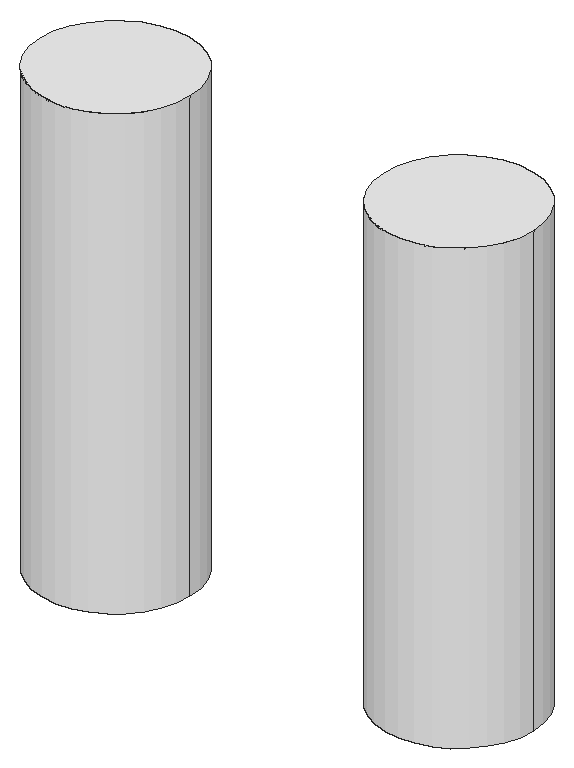
Revit family "56443203", category Plumbing Fixtures, Revit 2018
Family settings
  Round Connector Dimension = Use Diameter
  Part Type = Normal
  OmniClass Number = 23.45.55.00
  OmniClass Title = Sanitary Faucets, Wastes
  Work Plane-Based = No
  Always vertical = Yes
  Cut with Voids When Loaded = No
  Shared = No
  Room Calculation Point = No
Parameters (values of type "56443203 Bidet faucet ")
  Working Pressure = "50 - 1000 kPa"
  WarrantyStartDate [instance] = "n/a"
  WarrantyGuarantorParts = "n/a"
  WarrantyGuarantorLabor = "n/a"
  WarrantyDurationUnit = "Year"
  WarrantyDurationParts = "n/a"
  WarrantyDurationLabor = "n/a"
  WarrantyDescription = "http://warranty.hansa.com"
  Warranty Information URL = "http://warranty.hansa.com"
  VersionDate = "01/07/2022"
  Version = "3"  # constant formula
  ValvePattern = "n/a"
  ValveOperation = "n/a"
  ValveMechanism = "n/a"
  Uniclass2015Reference = "Pr_40_20_06_11"
  Uniclass2015Description = "Bidets"
  Uniclass2 = "Pr_40_30_06_11"
  URL REACH = "http://static.hansa.com/doc/reach"
  URL Declaration of Conformity = "http://static.hansa.com/DoC/56443203"
  URL ABP = "http://static.hansa.com/ABP/56443203"
  URL = ""
  UNSPSC Class Number = "30181700 Faucets or taps"
  TestPressure = "n/a"
  Temperature Adjustments = "Limitation option for maximum temperature and flow-rate ;Adjustable hot water stop (included, retrofittable)"
  Temperature = "Temperature limiter;Temperature limiter (retrofittable)"
  Technical DataSheet URL = "http://www.hansa.com/datasheet/56443203/en"
  TagNumber [instance] = "n/a"
  SustainabilityPerformance = "n/a"
  Surface treatment = "Chrome"
  Spout Type = "Fixed spout"
  Spout Projection = "106 mm"
  Spare-Part Information URL = "http://static.hansa.com/sp/56443203"
  Size = "50x150x140 mm"
  Shape = "Sculptured"
  SerialNumber [instance] = "n/a"
  Sales Package dimensions (LxWxH) = "380 x 180 x 74"
  Revision = "3"  # constant formula
  ReplacementCost = "n/a"
  ProductInformation = "n/a"
  Product URL = "http://static.hansa.com/56443203"
  Product Image URL = "http://static.hansa.com/image/56443203"
  Product Family = "HANSAPALENO "
  Product Code = "56443203"
  OperatingMechanismMaterial = "n/a"
  NominalWidth = 48.9 mm
  NominalHeight = 136 mm
  NominalDepth = 146.5 mm
  Noise Class = "I (ISO3822)"
  Name_en = "56443203 Bidet faucet"
  Name = "56443203 Bidet faucet"
  NBSReference = "45-35-70/320"
  NBSDescription = "Bidets"
  Mounting Holes = "1 hole"
  ModelReference = "56443203"
  ModelNumber = "n/a"
  Model = "56443203 Bidet faucet"
  Mobile Product Information URL = "http://mpi.hansa.com/56443203"
  Mechanical Parts = "ø 35 mm ceramic cartridge for flow and temperature control"
  Max. Hot Water Supply = 80 °C
  Material = "Brass"
  Market = "International;Germany;Austria;Switzerland;France;Italy;Spain"
  ManufacturerURL = "http://www.hansa.com"
  ManufacturerName = "HANSA"
  Manufacturer = "HANSA"
  Lever Handle = "Hot/Cold symbols;Single operating lever/handle"
  Interactive AR View URL = "https://static.hansa.com/AR/56443203"
  InstallationDate [instance] = "n/a"
  Installation and Maintenance Guide URL = "http://static.hansa.com/manual/56443203"
  Installation Type = "Deck mounted"
  InletConnectionSize = 10 mm
  IfcExportType = "FAUCET"  # constant formula
  IfcExportAs = "IfcValveType"  # constant formula
  Group = "Bidet faucet"
  Grade = "n/a"
  FlowCoefficient = 0
  Flow Rate At 300kPa With Flow Controller = 0.01 L/s
  Flow Drawing URL = "http://static.hansa.com/flowchart/56443203"
  Finish = "Polished"
  Features = "Single-lever"
  FaucetMainMaterial = Brass
  FDV Document URL = "http://www.hansa.com/datasheet/56443203/en/fdv"
  Extensions = "Pop-up waste with draw-rod"
  ExpectedLife = "n/a"
  ETIM Class Number = "EC010888 Bidet mixing tap"
  EN Standard = "EN 817"
  EAN Number = "4057304012228"
  DurationUnit = "Year"
  Dimension Drawing URL = "http://static.hansa.com/dimdrw/56443203"
  Description = ""
  DefaultElevation [instance] = 900 mm
  Constituents = "n/a"
  Connection Size = "G3/8"
  Color = "Chrome"
  CodePerformance = "n/a"
  CloseOffRating = 0
  Category = "Bathroom"
  Catalog Drawing URL = "http://static.hansa.com/catdrw/56443203"
  Brand = "HANSA"
  BodyMaterial = "Brass"
  Barcode [instance] = "n/a"
  BIMObjectName = "56443203"
  Author = "BIMStone"
  AssetType = "Fixed"
  AssetIdentifier [instance] = "n/a"
  Approval ABP = "P-IX 29502/IA"
  Aerator = "PCA® - constant flow rate regardless of pressure variations;Ball joint"
  Advanced Features = "Inner body made of DZR brass;3S-installation system for safe and simple mounting"
  AccessibilityPerformance = "n/a"
  3D View = "https://static.hansa.com/3D/56443203"
  2D/3D/BIM Files URL = "http://static.hansa.com/bim/56443203"
Reference planes
  plane 1 "Center (Front/Back)": y = 0
  plane 2: z = 0
  plane 3 "Center (Left/Right)": x = 0
  plane 4: x = -24.45
  plane 5: z = 900
  plane 6: z = 870
  plane 7: y = -146.5
  plane 8: x = 24.45
  plane 9: z = 1036
Forms (mm)
  Extrusion 1, solid, material "Brass" <- "FaucetMainMaterial"
    sketch origin (-44.989, -3.512, 0) x (1, 0, 0) y (0, 1, 0)
      loop
        circle (33.489, -36) r 5
      loop
        circle (56.489, -36) r 5
    from 870 to 900
Dimensions and locks
  "DefaultElevation": plane 5 to level
  locked: plane 5 to plane 6 at 30
  "NominalDepth": plane 7 to plane 1 "Center (Front/Back)"
  "NominalHeight": plane 9 to plane 5
  equal spacing: plane 4, plane 3 "Center (Left/Right)", plane 8
  "NominalWidth": plane 4 to plane 8
  "InletConnectionSize": diameter of Extrusion 1 sketch curve  (x2)
  aligned and locked: level to plane 2
  aligned and locked: plane 5 to Extrusion 1
  aligned and locked: Extrusion 1 to plane 6
  aligned and locked: nested 2 to plane 5
Automatic sketch dimensions
  Extrusion 1 sketch curve to plane 3 "Center (Left/Right)" = 11.5 mm
  plane 3 "Center (Left/Right)" to Extrusion 1 sketch curve = 11.5 mm
  plane 1 "Center (Front/Back)" to Extrusion 1 sketch curve = 39.512 mm  (x2)
Nested families
  nested 1: "Symbol" at (0, 0, 0), type "Symbol", detail levels coarse
  nested 2: "56443203_p" at (0, 0, 900), Main <- "FaucetMainMaterial", type "56443203_p"
    with Main Brass
Connectors
  piping at (-11.5, -39.512, 870), diameter 10, driven by "InletConnectionSize"
    settings: on Extrusion 1, index 1, connector inside diameter 609.6 mm, connector length 0 mm, flow factor 0, pipe flow 0.1 L/s, pressure drop 0.0 Pa, fitting loss kfactor 0, connector angle 0.00°, fixture units 0, engagement length 0 mm, angle of deflection 0.00°, flow configuration 1, flow direction 1, fitting loss method 0, system type 19, joint type 0, gender type 0, connector reference index -1, connector utility 0, adjustable connector no, is connector primary yes, connector description ""
  piping at (11.5, -39.512, 870), diameter 10, driven by "InletConnectionSize"
    settings: on Extrusion 1, index 2, connector inside diameter 609.6 mm, connector length 0 mm, flow factor 0, pipe flow 0.1 L/s, pressure drop 0.0 Pa, fitting loss kfactor 0, connector angle 0.00°, fixture units 0, engagement length 0 mm, angle of deflection 0.00°, flow configuration 1, flow direction 1, fitting loss method 0, system type 20, joint type 0, gender type 0, connector reference index -1, connector utility 0, adjustable connector no, is connector primary no, connector description ""
Definition of nested family "Symbol"
  Reference planes
    plane 1: y = 0
    plane 2: x = 0
  Lines and regions (mm)
    detail lines
      curve 1: line (0, 0, 0) -> (0, -1.8, 0)
      curve 2: line (-0.4, -1.1, 0) -> (0.4, -1.1, 0)
      curve 3: line (-0.4, -1.4, 0) -> (0.4, -1.4, 0)
      curve 4: line (0.863, 0, 0) -> (-0.863, 0, 0)
      curve 5: circle (-1.163, 0, 0) r 0.3 normal (0, 0, -1)
      curve 6: circle (1.163, 0, 0) r 0.3 normal (0, 0, 1)
Definition of nested family "56443203_p"
  Parameters (values of type "56443203_p")
    Main [instance] = none
  Reference planes
    plane 1 "Center (Front/Back)": y = 0
    plane 2: z = 0
    plane 3 "Center (Left/Right)": x = 0
    plane 4: x = -24.445
    plane 5: x = 24.445
    plane 6: z = 136
    plane 7: y = -146.545
  Forms (mm)
    Revolve 1, solid, material <- "Main", detail levels medium
      sketch origin (0, 0, 0) x (0, 1, 0) y (0, 0, 1)
        loop
          line (-14.069, -21.092) -> (-28.654, 145.62) -> (-52.072, 143.571) -> (-37.487, -23.141) -> (-14.069, -21.092)
        axis (-37.487, -23.141) -> (-52.072, 143.571)
      angle from 0 to 360
    Extrusion 2, void
      sketch origin (0, 0, 0) x (0, 1, 0) y (0, 0, 1)
        loop
          line (-71.094, 0) -> (-71.094, -45) -> (3.906, -45) -> (3.906, 0) -> (-71.094, 0)
        loop
          line (-17.096, 136) -> (-17.096, 163.598) -> (-82.096, 163.598) -> (-82.096, 136) -> (-17.096, 136)
      from -43.065 to 45.409
    Extrusion 3, solid, material <- "Main", detail levels medium
      sketch origin (0, 0, 0) x (1, 0, 0) y (0, 1, 0)
        loop
          arc (-6.785, -136.956) -> (-6.503, -137.769) -> (-5.792, -138.252) r 1.367
          arc (-5.792, -138.252) -> (-2.924, -138.855) -> (0, -139.057) r 21.204
          arc (0, -139.057) -> (2.924, -138.855) -> (5.792, -138.252) r 21.204
          arc (5.792, -138.252) -> (6.503, -137.769) -> (6.785, -136.956) r 1.367
          line (6.785, -136.956) -> (7.405, -92.487)
          arc (7.405, -92.487) -> (7.46, -90.292) -> (7.675, -88.108) r 29.979
          arc (7.675, -88.108) -> (8.126, -85.853) -> (8.858, -83.674) r 18.25
          arc (8.858, -83.674) -> (10.334, -80.457) -> (12.083, -77.38) r 40.817
          arc (12.083, -77.38) -> (14.098, -74.412) -> (16.322, -71.598) r 49.505
          arc (16.322, -71.598) -> (21.772, -62.164) -> (23.518, -51.41) r 30.192
          line (23.518, -51.41) -> (-23.518, -51.41)
          arc (-23.518, -51.41) -> (-21.772, -62.164) -> (-16.322, -71.598) r 30.192
          arc (-16.322, -71.598) -> (-14.098, -74.412) -> (-12.083, -77.38) r 49.505
          arc (-12.083, -77.38) -> (-10.334, -80.457) -> (-8.858, -83.674) r 40.817
          arc (-8.858, -83.674) -> (-8.126, -85.853) -> (-7.675, -88.108) r 18.25
          arc (-7.675, -88.108) -> (-7.46, -90.292) -> (-7.405, -92.487) r 29.979
          line (-7.405, -92.487) -> (-6.785, -136.956)
      from 123.047 to 136
    Extrusion 4, solid, material <- "Main", detail levels medium
      sketch origin (0, 0, 0) x (0, 1, 0) y (0, 0, 1)
        loop
          arc (-40.191, 99.126) -> (-78.225, 96.189) -> (-116.22, 92.785) r 3101.602
          line (-116.22, 92.785) -> (-114.405, 72.042)
          arc (-114.405, 72.042) -> (-112.555, 68.345) -> (-108.677, 66.913) r 5.62
          line (-108.677, 66.913) -> (-37.373, 66.913) -> (-40.191, 99.126)
      from -20 to 20
    Revolve 5, solid, material <- "Main", detail levels medium
      sketch origin (0, 0, 0) x (0, 1, 0) y (0, 0, 1)
        loop
          line (-145.608, 78.742) -> (-112.223, 81.663) -> (-112.942, 89.885) -> (-119.928, 89.274) -> (-120.192, 92.283) -> (-128.686, 91.54) -> (-130.284, 92.874) -> (-137.357, 92.255) -> (-138.185, 91.427) -> (-145.929, 90.749) -> (-146.545, 89.451) -> (-145.608, 78.742)
        axis (-112.223, 81.663) -> (-145.608, 78.742)
      angle from 0 to 360
    Revolve 6, solid, material <- "Main", detail levels medium
      sketch origin (0, 0, 0) x (0, 1, 0) y (0, 0, 1)
        loop
          line (-18.552, 22.539) -> (-11.009, 43.264) -> (-12.656, 43.864) -> (-20.082, 23.461) -> (-18.552, 22.539)
        axis (-12.656, 43.864) -> (-20.199, 23.138)
      angle from 0 to 360
    Extrusion 7, solid, material <- "Main", detail levels medium
      sketch origin (0, 0, 0) x (0, 1, 0) y (0, 0, 1)
        loop
          line (-15.628, 49.966) -> (-16.53, 45.721)
          arc (-16.53, 45.721) -> (-15.607, 44.633) -> (-14.615, 43.607) r 21.863
          arc (-14.615, 43.607) -> (-13.023, 42.855) -> (-11.32, 42.408) r 9.564
          line (-11.32, 42.408) -> (-6.213, 41.559)
          arc (-6.213, 41.559) -> (-3.257, 41.771) -> (-0.722, 43.305) r 6.33
          line (-0.722, 43.305) -> (-0.022, 46.598)
          arc (-0.022, 46.598) -> (-0.164, 47.365) -> (-0.807, 47.808) r 1.02
          line (-0.807, 47.808) -> (-14.477, 50.713)
          arc (-14.477, 50.713) -> (-15.207, 50.578) -> (-15.628, 49.966) r 0.97
      from -5 to 5
    Extrusion 8, solid, material <- "Main", detail levels coarse
      sketch origin (0, 0, 0) x (1, 0, 0) y (0, 1, 0)
        loop
          line (24.445, 0) -> (-24.445, 0) -> (-24.445, -146.545) -> (24.445, -146.545) -> (24.445, 0)
      from 0 to 136
  Cuts and joins
    Extrusion 2 cuts Revolve 1
    joined: Revolve 1, Extrusion 4, Revolve 5, Revolve 6
  Lines and regions (mm)
    symbolic lines, detail levels medium+fine
      curve 1: line (0, -15.914, 0) -> (0, -63.109, 0)
      curve 2: line (0, -24.711, 100.544) -> (0, -25.51, 100.479)
      curve 3: line (0, -116.22, 92.785) -> (0, -115.943, 89.623)
      curve 4: line (0, -120.192, 92.283) -> (0, -119.928, 89.274)
      curve 5: line (0, -138.251, 92.177) -> (0, -138.185, 91.427)
      curve 6: line (0, -146.545, 89.451) -> (0, -144.671, 68.033)
      curve 9: line (0, -15.914, 0) -> (0, -18.015, 24.014)
      curve 10: line (0, -63.109, 0) -> (0, -66.804, 42.234)
      curve 11: line (0, -94.729, 67.236) -> (0, -108.677, 66.913)
      curve 12: arc (0, -66.804, 42.234) -> (0, -75.822, 60.258) -> (0, -94.729, 67.236) r 27.397
      curve 13: arc (0, -114.405, 72.042) -> (0, -112.555, 68.345) -> (0, -108.677, 66.913) r 5.62
      curve 14: arc (0, -71.572, 96.737) -> (0, -93.903, 94.842) -> (0, -116.22, 92.785) r 3101.602
      curve 15: line (0, -120.192, 92.283) -> (0, -128.686, 91.54)
      curve 16: line (0, -118.226, 69.819) -> (0, -126.721, 69.076)
      curve 17: line (0, -115.943, 89.623) -> (0, -119.928, 89.274)
      curve 18: line (0, -114.505, 73.178) -> (0, -118.489, 72.829)
      curve 19: line (0, -136.029, 66.781) -> (0, -128.062, 67.478)
      curve 20: line (0, -128.062, 67.478) -> (0, -126.721, 69.076)
      curve 21: line (0, -136.094, 67.526) -> (0, -143.838, 66.849)
      curve 22: line (0, -143.838, 66.849) -> (0, -144.671, 68.033)
      curve 24: line (0, -145.929, 90.749) -> (0, -138.185, 91.427)
      curve 25: line (0, -145.929, 90.749) -> (0, -146.545, 89.451)
      curve 27: line (0, -128.686, 91.54) -> (0, -130.284, 92.874)
      curve 29: line (0, -130.284, 92.874) -> (0, -138.251, 92.177)
      curve 30: arc (0, -25.51, 100.479) -> (0, -26.979, 106.263) -> (0, -29.94, 111.444) r 22.12
      curve 31: line (0, -70.803, 99.207) -> (0, -70.803, 96.8)
      curve 32: line (0, -72.545, 99.066) -> (0, -75.051, 116.246)
      curve 33: line (0, -25.764, 113.821) -> (0, -29.127, 133.304)
      curve 34: line (0, -83.102, 123.208) -> (0, -136.935, 123.208)
      curve 35: arc (0, -75.051, 116.246) -> (0, -77.78, 121.226) -> (0, -83.102, 123.208) r 8.136
      curve 36: arc (0, -138.383, 134.918) -> (0, -139.023, 129.669) -> (0, -138.447, 124.413) r 22.989
      curve 37: arc (0, -136.935, 123.208) -> (0, -137.902, 123.546) -> (0, -138.447, 124.413) r 1.55
      curve 38: line (0, -137.01, 136) -> (0, -92.028, 136)
      curve 39: arc (0, -138.383, 134.918) -> (0, -137.884, 135.697) -> (0, -137.01, 136) r 1.413
      curve 40: arc (0, -92.028, 136) -> (0, -78.127, 135.816) -> (0, -64.235, 135.262) r 523.836
      curve 41: line (0, -30.99, 134.874) -> (0, -49.162, 134.874)
      curve 42: arc (0, -64.235, 135.262) -> (0, -56.701, 134.965) -> (0, -49.162, 134.874) r 275.77
      curve 43: arc (0, -29.127, 133.304) -> (0, -29.772, 134.429) -> (0, -30.99, 134.874) r 1.891
      curve 44: line (0, -18.015, 24.014) -> (0, -11.32, 42.408)
      curve 45: line (0, -18.738, 32.278) -> (0, -14.615, 43.607)
      curve 47: line (0, -15.628, 49.966) -> (0, -16.428, 46.202)
      curve 48: line (0, -0.022, 46.598) -> (0, -0.658, 43.604)
      curve 49: line (0, -0.807, 47.808) -> (0, -14.477, 50.713)
      curve 50: arc (0, -14.477, 50.713) -> (0, -15.207, 50.578) -> (0, -15.628, 49.966) r 0.97
      curve 51: arc (0, -0.807, 47.808) -> (0, -0.164, 47.365) -> (0, -0.022, 46.598) r 1.02
      curve 52: line (0, -6.213, 41.559) -> (0, -11.32, 42.408)
      curve 53: arc (0, -16.428, 46.202) -> (0, -16.42, 45.742) -> (0, -16.212, 45.33) r 1.029
      curve 54: arc (0, -16.212, 45.33) -> (0, -15.437, 44.447) -> (0, -14.615, 43.607) r 21.863
      curve 55: arc (0, -0.988, 43.057) -> (0, -3.432, 41.718) -> (0, -6.213, 41.559) r 6.33
      curve 56: arc (0, -0.658, 43.604) -> (0, -0.777, 43.303) -> (0, -0.988, 43.057) r 0.981
      curve 58: line (0, -18.738, 32.278) -> (0, -24.711, 100.544)
      curve 60: line (0, -114.505, 73.178) -> (0, -114.405, 72.042)
      curve 61: line (0, -118.489, 72.829) -> (0, -118.226, 69.819)
      curve 64: line (0, -136.094, 67.526) -> (0, -136.029, 66.781)
      curve 65: line (0, -70.803, 99.207) -> (0, -72.545, 99.066)
      curve 66: line (0, -70.803, 96.8) -> (0, -71.572, 96.737)
      curve 67: line (0, -29.94, 111.444) -> (0, -25.764, 113.821)
      curve 69: line (-11, -146.545, 0) -> (-11, -142.036, 0)
      curve 70: line (-12, -128.349, 0) -> (-12, -130.729, 0)
      curve 71: line (-5, -4.923, 0) -> (-5, -11.488, 0)
      curve 72: arc (0, 0, 0) -> (-3.531, -1.414, 0) -> (-5, -4.923, 0) r 4.923
      curve 73: arc (-5, -11.488, 0) -> (-4.197, -14.199, 0) -> (-2.046, -16.034, 0) r 4.976
      curve 76: arc (-23.508, -42.117, 0) -> (-18.218, -24.599, 0) -> (-2.046, -16.034, 0) r 23.764
      curve 78: arc (-24.445, -47.599, 0) -> (-24.209, -44.818, 0) -> (-23.508, -42.117, 0) r 16.501
      curve 79: line (-24.445, -47.599, 0) -> (-24.445, -49.045, 0)
      curve 80: arc (-24.445, -49.045, 0) -> (-23.984, -55.226, 0) -> (-22.613, -61.27, 0) r 41.7
      curve 89: line (-22.613, -61.27, 0) -> (-19.084, -110.472, 0)
      curve 90: line (-13.068, -116.072, 0) -> (-8.254, -116.072, 0)
      curve 91: arc (-19.084, -110.472, 0) -> (-17.177, -114.455, 0) -> (-13.068, -116.072, 0) r 6.031
      curve 92: line (-8.254, -116.072, 0) -> (-8.254, -118.62, 0)
      curve 94: line (-11.278, -119.219, 0) -> (-11.278, -127.627, 0)
      curve 95: line (-11.278, -127.627, 0) -> (-12, -128.349, 0)
      curve 96: spline (-8.254, -118.62, 0) -> (-8.718, -118.661, 0) -> (-9.147, -118.705, 0) -> (-9.541, -118.75, 0) -> (-9.898, -118.797, 0) -> (-10.216, -118.846, 0) -> (-10.495, -118.897, 0) -> (-10.732, -118.949, 0) -> (-10.928, -119.001, 0) -> (-11.08, -119.055, 0) -> (-11.19, -119.109, 0) -> (-11.256, -119.164, 0) -> (-11.278, -119.219, 0)
      curve 97: line (-12.751, -131.163, 0) -> (-12.751, -137.12, 0)
      curve 98: line (-12, -141.609, 0) -> (-12, -137.537, 0)
      curve 99: spline (-12.751, -137.12, 0) -> (-12.763, -137.155, 0) -> (-12.761, -137.19, 0) -> (-12.745, -137.226, 0) -> (-12.716, -137.261, 0) -> (-12.673, -137.296, 0) -> (-12.617, -137.331, 0) -> (-12.547, -137.366, 0) -> (-12.464, -137.401, 0) -> (-12.368, -137.435, 0) -> (-12.258, -137.47, 0) -> (-12.136, -137.503, 0) -> (-12, -137.537, 0)
      curve 100: line (-12, -141.609, 0) -> (-11, -142.036, 0)
      curve 101: line (-11, -146.545, 0) -> (0, -146.545, 0)
      curve 107: line (-12.751, -131.163, 0) -> (-12, -130.729, 0)
      curve 110: line (11, -146.545, 0) -> (11, -142.036, 0)
      curve 111: line (12, -128.349, 0) -> (12, -130.729, 0)
      curve 112: line (5, -4.923, 0) -> (5, -11.488, 0)
      curve 113: arc (0, 0, 0) -> (3.531, -1.414, 0) -> (5, -4.923, 0) r 4.923
      curve 114: arc (5, -11.488, 0) -> (4.197, -14.199, 0) -> (2.046, -16.034, 0) r 4.976
      curve 117: arc (23.508, -42.117, 0) -> (18.218, -24.599, 0) -> (2.046, -16.034, 0) r 23.764
      curve 119: arc (24.445, -47.599, 0) -> (24.209, -44.818, 0) -> (23.508, -42.117, 0) r 16.501
      curve 120: line (24.445, -47.599, 0) -> (24.445, -49.045, 0)
      curve 121: arc (24.445, -49.045, 0) -> (23.984, -55.226, 0) -> (22.613, -61.27, 0) r 41.7
      curve 130: line (22.613, -61.27, 0) -> (19.084, -110.472, 0)
      curve 131: line (13.068, -116.072, 0) -> (8.254, -116.072, 0)
      curve 132: arc (19.084, -110.472, 0) -> (17.177, -114.455, 0) -> (13.068, -116.072, 0) r 6.031
      curve 133: line (8.254, -116.072, 0) -> (8.254, -118.62, 0)
      curve 135: line (11.278, -119.219, 0) -> (11.278, -127.627, 0)
      curve 136: line (11.278, -127.627, 0) -> (12, -128.349, 0)
      curve 137: spline (8.254, -118.62, 0) -> (8.718, -118.661, 0) -> (9.147, -118.705, 0) -> (9.541, -118.75, 0) -> (9.898, -118.797, 0) -> (10.216, -118.846, 0) -> (10.495, -118.897, 0) -> (10.732, -118.949, 0) -> (10.928, -119.001, 0) -> (11.08, -119.055, 0) -> (11.19, -119.109, 0) -> (11.256, -119.164, 0) -> (11.278, -119.219, 0)
      curve 138: line (12.751, -131.163, 0) -> (12.751, -137.12, 0)
      curve 139: line (12, -141.609, 0) -> (12, -137.537, 0)
      curve 140: spline (12.751, -137.12, 0) -> (12.763, -137.155, 0) -> (12.761, -137.19, 0) -> (12.745, -137.226, 0) -> (12.716, -137.261, 0) -> (12.673, -137.296, 0) -> (12.617, -137.331, 0) -> (12.547, -137.366, 0) -> (12.464, -137.401, 0) -> (12.368, -137.435, 0) -> (12.258, -137.47, 0) -> (12.136, -137.503, 0) -> (12, -137.537, 0)
      curve 141: line (12, -141.609, 0) -> (11, -142.036, 0)
      curve 142: line (11, -146.545, 0) -> (0, -146.545, 0)
      curve 147: line (12.751, -131.163, 0) -> (12, -130.729, 0)
      curve 151: line (0, 0, 0) -> (-23.507, 0, 0)
      curve 152: line (-23.507, 0, 0) -> (-23.507, 0, 98.114)
      curve 153: line (-24.445, 0, 101.507) -> (-24.023, 0, 134.756)
      curve 154: arc (-24.023, 0, 134.756) -> (-12.028, 0, 135.688) -> (0, 0, 136) r 233.448
      curve 155: spline (-24.445, 0, 101.507) -> (-24.433, 0, 101.43) -> (-24.395, 0, 101.352) -> (-24.333, 0, 101.275) -> (-24.245, 0, 101.199) -> (-24.133, 0, 101.122) -> (-23.997, 0, 101.046) -> (-23.835, 0, 100.97) -> (-23.65, 0, 100.895) -> (-23.44, 0, 100.821) -> (-23.206, 0, 100.747) -> (-22.949, 0, 100.674) -> (-22.668, 0, 100.602)
      curve 156: line (-22.622, 0, 100.591) -> (-22.757, 0, 99.057)
      curve 157: arc (-23.507, 0, 98.114) -> (-23.297, 0, 98.716) -> (-22.757, 0, 99.057) r 0.967
      curve 170: line (0, 0, 0) -> (23.507, 0, 0)
      curve 171: line (23.507, 0, 0) -> (23.507, 0, 98.114)
      curve 172: line (24.445, 0, 101.507) -> (24.023, 0, 134.756)
      curve 173: arc (24.023, 0, 134.756) -> (12.028, 0, 135.688) -> (0, 0, 136) r 233.448
      curve 174: spline (24.445, 0, 101.507) -> (24.433, 0, 101.43) -> (24.395, 0, 101.352) -> (24.333, 0, 101.275) -> (24.245, 0, 101.199) -> (24.133, 0, 101.122) -> (23.997, 0, 101.046) -> (23.835, 0, 100.97) -> (23.65, 0, 100.895) -> (23.44, 0, 100.821) -> (23.206, 0, 100.747) -> (22.949, 0, 100.674) -> (22.668, 0, 100.602)
      curve 175: line (22.622, 0, 100.591) -> (22.757, 0, 99.057)
      curve 176: arc (23.507, 0, 98.114) -> (23.297, 0, 98.716) -> (22.757, 0, 99.057) r 0.967
    symbolic lines, detail levels fine
      curve 7: line (0, -48.217, 101.042) -> (0, -29.94, 111.444)
      curve 8: line (0, -48.217, 101.042) -> (0, -70.803, 99.207)
      curve 23: line (0, -143.838, 66.849) -> (0, -145.929, 90.749)
      curve 26: line (0, -126.721, 69.076) -> (0, -128.686, 91.54)
      curve 28: line (0, -128.062, 67.478) -> (0, -130.284, 92.874)
      curve 46: line (0, -11.32, 42.408) -> (0, -14.615, 43.607)
      curve 57: line (0, -18.015, 24.014) -> (0, -18.738, 32.278)
      curve 59: line (0, -115.943, 89.623) -> (0, -114.505, 73.178)
      curve 62: line (0, -119.928, 89.274) -> (0, -118.489, 72.829)
      curve 63: line (0, -138.185, 91.427) -> (0, -136.094, 67.526)
      curve 68: line (0, -25.51, 100.479) -> (0, -70.803, 96.8)
      curve 74: line (-1.748, -16.156, 0) -> (-1.748, -18.422, 0)
      curve 75: line (-1.748, -18.422, 0) -> (0, -18.422, 0)
      curve 77: arc (-23.508, -42.117, 0) -> (-14.421, -29.806, 0) -> (0, -24.693, 0) r 26.129
      curve 81: arc (-22.613, -61.27, 0) -> (-21.863, -63.265, 0) -> (-20.872, -65.152, 0) r 17.201
      curve 82: line (-20.872, -65.152, 0) -> (-20.32, -66.062, 0)
      curve 83: arc (-20.32, -66.062, 0) -> (-18.432, -68.91, 0) -> (-16.322, -71.598, 0) r 42.793
      curve 84: arc (-16.322, -71.598, 0) -> (-14.098, -74.412, 0) -> (-12.083, -77.38, 0) r 49.505
      curve 85: line (-6.785, -136.956, 0) -> (-7.405, -92.487, 0)
      curve 86: arc (-12.083, -77.38, 0) -> (-10.334, -80.457, 0) -> (-8.858, -83.674, 0) r 40.817
      curve 87: arc (-8.858, -83.674, 0) -> (-8.126, -85.853, 0) -> (-7.675, -88.108, 0) r 18.25
      curve 88: arc (-7.675, -88.108, 0) -> (-7.46, -90.292, 0) -> (-7.405, -92.487, 0) r 29.979
      curve 93: spline (-8.254, -119.097, 0) -> (-8.245, -119.145, 0) -> (-8.218, -119.194, 0) -> (-8.174, -119.242, 0) -> (-8.112, -119.29, 0) -> (-8.033, -119.337, 0) -> (-7.936, -119.383, 0) -> (-7.824, -119.428, 0) -> (-7.695, -119.471, 0) -> (-7.55, -119.514, 0) -> (-7.39, -119.554, 0) -> (-7.215, -119.593, 0) -> (-7.027, -119.63, 0)
      curve 102: arc (-5.792, -138.252, 0) -> (-2.924, -138.855, 0) -> (0, -139.057, 0) r 21.204
      curve 103: arc (-5.792, -138.252, 0) -> (-6.503, -137.769, 0) -> (-6.785, -136.956, 0) r 1.367
      curve 104: line (-8.254, -116.072, 0) -> (-7.077, -116.072, 0)
      curve 105: line (-8.254, -118.62, 0) -> (-8.254, -119.097, 0)
      curve 106: spline (-11.278, -119.219, 0) -> (-11.246, -119.285, 0) -> (-11.152, -119.35, 0) -> (-10.995, -119.415, 0) -> (-10.776, -119.478, 0) -> (-10.497, -119.54, 0) -> (-10.159, -119.601, 0) -> (-9.764, -119.659, 0) -> (-9.314, -119.714, 0) -> (-8.812, -119.767, 0) -> (-8.261, -119.817, 0) -> (-7.664, -119.864, 0) -> (-7.023, -119.907, 0)
      curve 108: spline (-12, -137.537, 0) -> (-11.716, -137.598, 0) -> (-11.389, -137.657, 0) -> (-11.021, -137.715, 0) -> (-10.612, -137.77, 0) -> (-10.165, -137.823, 0) -> (-9.68, -137.874, 0) -> (-9.161, -137.923, 0) -> (-8.608, -137.968, 0) -> (-8.023, -138.011, 0) -> (-7.41, -138.05, 0) -> (-6.769, -138.087, 0) -> (-6.104, -138.12, 0)
      curve 109: arc (-2.046, -16.034, 0) -> (-1.046, -16.358, 0) -> (0, -16.464, 0) r 4.976
      curve 115: line (1.748, -16.156, 0) -> (1.748, -18.422, 0)
      curve 116: line (1.748, -18.422, 0) -> (0, -18.422, 0)
      curve 118: arc (23.508, -42.117, 0) -> (14.421, -29.806, 0) -> (0, -24.693, 0) r 26.129
      curve 122: arc (22.613, -61.27, 0) -> (21.863, -63.265, 0) -> (20.872, -65.152, 0) r 17.201
      curve 123: line (20.872, -65.152, 0) -> (20.32, -66.062, 0)
      curve 124: arc (20.32, -66.062, 0) -> (18.432, -68.91, 0) -> (16.322, -71.598, 0) r 42.793
      curve 125: arc (16.322, -71.598, 0) -> (14.098, -74.412, 0) -> (12.083, -77.38, 0) r 49.505
      curve 126: line (6.785, -136.956, 0) -> (7.405, -92.487, 0)
      curve 127: arc (12.083, -77.38, 0) -> (10.334, -80.457, 0) -> (8.858, -83.674, 0) r 40.817
      curve 128: arc (8.858, -83.674, 0) -> (8.126, -85.853, 0) -> (7.675, -88.108, 0) r 18.25
      curve 129: arc (7.675, -88.108, 0) -> (7.46, -90.292, 0) -> (7.405, -92.487, 0) r 29.979
      curve 134: spline (8.254, -119.097, 0) -> (8.245, -119.145, 0) -> (8.218, -119.194, 0) -> (8.174, -119.242, 0) -> (8.112, -119.29, 0) -> (8.033, -119.337, 0) -> (7.936, -119.383, 0) -> (7.824, -119.428, 0) -> (7.695, -119.471, 0) -> (7.55, -119.514, 0) -> (7.39, -119.554, 0) -> (7.215, -119.593, 0) -> (7.027, -119.63, 0)
      curve 143: arc (5.792, -138.252, 0) -> (2.924, -138.855, 0) -> (0, -139.057, 0) r 21.204
      curve 144: arc (5.792, -138.252, 0) -> (6.503, -137.769, 0) -> (6.785, -136.956, 0) r 1.367
      curve 145: line (8.254, -116.072, 0) -> (7.077, -116.072, 0)
      curve 146: spline (11.278, -119.219, 0) -> (11.246, -119.285, 0) -> (11.152, -119.35, 0) -> (10.995, -119.415, 0) -> (10.776, -119.478, 0) -> (10.497, -119.54, 0) -> (10.159, -119.601, 0) -> (9.764, -119.659, 0) -> (9.314, -119.714, 0) -> (8.812, -119.767, 0) -> (8.261, -119.817, 0) -> (7.664, -119.864, 0) -> (7.023, -119.907, 0)
      curve 148: spline (12, -137.537, 0) -> (11.716, -137.598, 0) -> (11.389, -137.657, 0) -> (11.021, -137.715, 0) -> (10.612, -137.77, 0) -> (10.165, -137.823, 0) -> (9.68, -137.874, 0) -> (9.161, -137.923, 0) -> (8.608, -137.968, 0) -> (8.023, -138.011, 0) -> (7.41, -138.05, 0) -> (6.769, -138.087, 0) -> (6.104, -138.12, 0)
      curve 149: arc (2.046, -16.034, 0) -> (1.046, -16.358, 0) -> (0, -16.464, 0) r 4.976
      curve 150: line (8.254, -118.62, 0) -> (8.254, -119.097, 0)
      curve 158: spline (-22.757, 0, 99.057) -> (-22.562, 0, 98.8) -> (-21.981, 0, 98.547) -> (-21.024, 0, 98.304) -> (-19.707, 0, 98.073) -> (-18.053, 0, 97.859) -> (-16.091, 0, 97.665) -> (-13.852, 0, 97.496) -> (-11.377, 0, 97.353) -> (-8.708, 0, 97.239) -> (-5.889, 0, 97.157) -> (-2.97, 0, 97.106) -> (0, 0, 97.09)
      curve 159: circle (0, 0, 79.999) r 12.91 normal (0, -1, 0)
      curve 160: line (-23.507, 0, 87.601) -> (-16.905, 0, 75.183)
      curve 161: arc (-16.905, 0, 75.183) -> (-9.866, 0, 67.666) -> (0, 0, 64.717) r 19.74
      curve 162: line (-23.507, 0, 98.114) -> (-17.669, 0, 92.275)
      curve 163: line (-17.669, 0, 92.275) -> (0, 0, 92.909)
      curve 164: arc (-6.601, 0, 134.047) -> (-6.807, 0, 129.622) -> (-6.596, 0, 125.198) r 46.918
      curve 165: arc (-5.13, 0, 123.641) -> (-2.573, 0, 123.341) -> (0, 0, 123.241) r 33.087
      curve 166: arc (-4.952, 0, 135.694) -> (-2.479, 0, 135.866) -> (0, 0, 135.923) r 53.723
      curve 167: arc (-6.596, 0, 125.198) -> (-6.13, 0, 124.168) -> (-5.13, 0, 123.641) r 1.743
      curve 168: arc (-4.952, 0, 135.694) -> (-6.073, 0, 135.168) -> (-6.601, 0, 134.047) r 1.825
      curve 169: spline (-22.668, 0, 100.602) -> (-21.653, 0, 100.385) -> (-20.427, 0, 100.179) -> (-19.001, 0, 99.986) -> (-17.389, 0, 99.807) -> (-15.607, 0, 99.646) -> (-13.673, 0, 99.502) -> (-11.604, 0, 99.379) -> (-9.423, 0, 99.276) -> (-7.149, 0, 99.195) -> (-4.805, 0, 99.136) -> (-2.414, 0, 99.101) -> (0, 0, 99.089)
      curve 177: spline (22.757, 0, 99.057) -> (22.562, 0, 98.8) -> (21.981, 0, 98.547) -> (21.024, 0, 98.304) -> (19.707, 0, 98.073) -> (18.053, 0, 97.859) -> (16.091, 0, 97.665) -> (13.852, 0, 97.496) -> (11.377, 0, 97.353) -> (8.708, 0, 97.239) -> (5.889, 0, 97.157) -> (2.97, 0, 97.106) -> (0, 0, 97.09)
      curve 178: line (23.507, 0, 87.601) -> (16.905, 0, 75.183)
      curve 179: arc (16.905, 0, 75.183) -> (9.866, 0, 67.666) -> (0, 0, 64.717) r 19.74
      curve 180: line (23.507, 0, 98.114) -> (17.669, 0, 92.275)
      curve 181: line (17.669, 0, 92.275) -> (0, 0, 92.909)
      curve 182: arc (6.601, 0, 134.047) -> (6.807, 0, 129.622) -> (6.596, 0, 125.198) r 46.918
      curve 183: arc (5.13, 0, 123.641) -> (2.573, 0, 123.341) -> (0, 0, 123.241) r 33.087
      curve 184: arc (4.952, 0, 135.694) -> (2.479, 0, 135.866) -> (0, 0, 135.923) r 53.723
      curve 185: arc (6.596, 0, 125.198) -> (6.13, 0, 124.168) -> (5.13, 0, 123.641) r 1.743
      curve 186: arc (4.952, 0, 135.694) -> (6.073, 0, 135.168) -> (6.601, 0, 134.047) r 1.825
      curve 187: spline (22.668, 0, 100.602) -> (21.653, 0, 100.385) -> (20.427, 0, 100.179) -> (19.001, 0, 99.986) -> (17.389, 0, 99.807) -> (15.607, 0, 99.646) -> (13.673, 0, 99.502) -> (11.604, 0, 99.379) -> (9.423, 0, 99.276) -> (7.149, 0, 99.195) -> (4.805, 0, 99.136) -> (2.414, 0, 99.101) -> (0, 0, 99.089)
  Dimensions and locks
    aligned and locked: level to plane 2
